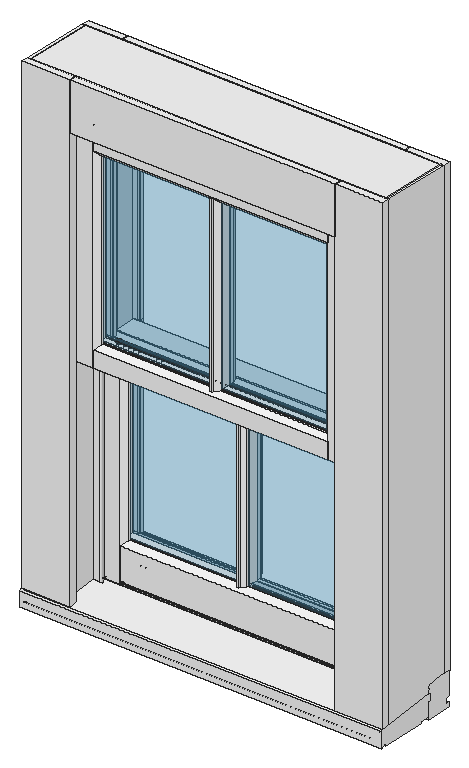
Revit family "B1-22V", category Generic Models, Revit 2012 (continued)
Forms (mm)
  Extrusion 85, solid, material "White" <- "Floor Material", detail levels fine
    sketch origin (-420.706, -53.846, -227.023) x (1, 0, 0) y (0, 1, 0)
      loop
        line (3.675, 109.096) -> (3.675, 111.096) -> (-1.325, 111.096) -> (-1.325, 109.096)
        arc (-1.325, 109.096) -> (-5.325, 105.779) -> (-6.825, 100.804) r 9
        line (-6.825, 100.804) -> (-6.825, 99.096) -> (-8.825, 99.096) -> (-8.825, 93.096)
      loop
        line (-8.825, 61.911) -> (-1.376, 53.757) -> (-1.376, 51.757) -> (3.624, 51.757) -> (3.624, 53.757) -> (11.175, 64.711) -> (-8.825, 64.711) -> (-8.825, 61.911)
    from 754.583 to 1118.062
  Extrusion 86, solid, material "White" <- "Floor Material"
    sketch origin (-21.437, 0, -227.023) x (1, 0, 0) y (0, 1, 0)
      loop
        line (-408.094, 34) -> (-408.094, 18) -> (-388.094, 18) -> (-388.094, 34) -> (-408.094, 34)
    from 754.583 to 1108
  Extrusion 87, solid, material "White" <- "Floor Material"
    sketch origin (-21.437, 71, -227.023) x (1, 0, 0) y (0, 1, 0)
      loop
        line (-408.094, 34) -> (-408.094, 18) -> (-388.094, 18) -> (-388.094, 34) -> (-408.094, 34)
    from 356.027 to 710.583
Dimensions and locks
  plane 4 to level = 1023.04 mm
  plane 8 to plane 5 = 131 mm  (x2)
  plane 9 to plane 7 = 174 mm
  locked: plane 10 to plane 11 at 44
  locked: plane 4 to plane 12 at 100
  locked: plane 13 to plane 12 at 14
  plane 14 to level = 33 mm
  locked: Extrusion 58 to Extrusion 58 at 6
  Extrusion 4 to Extrusion 4 = 4 mm
  locked: plane 4 to plane 15 at 82
  plane 16 to level = 68 mm
  plane 16 to plane 2 = 68 mm
  "Width": plane 17 to plane 5
  Extrusion 57 to Extrusion 24 = 1023.04 mm
  locked: Extrusion 80 to Extrusion 80 at 6
  Extrusion 84 sketch curve to Extrusion 84 sketch curve = 8 mm  (x2)
  Extrusion 84 sketch curve to Extrusion 84 sketch curve = 26 mm
  plane 24 to plane 17 = 82 mm
  aligned and locked: level to plane 2
  aligned and locked: Extrusion 5 to Extrusion 6
  aligned and locked: Extrusion 34 to Extrusion 33
  aligned and locked: plane 7 to Extrusion 23
  aligned and locked: Extrusion 16 to plane 8
  aligned and locked: Extrusion 14 to plane 8
  aligned and locked: Extrusion 21 to plane 8
  aligned and locked: Extrusion 18 to plane 8
  aligned and locked: Extrusion 20 to plane 8
  aligned and locked: Extrusion 17 to plane 8
  aligned and locked: Extrusion 19 to plane 8
  aligned and locked: Extrusion 22 to plane 8
  aligned and locked: Extrusion 8 to plane 8
  aligned and locked: Extrusion 10 to plane 8
  aligned and locked: Extrusion 3 to plane 8
  aligned and locked: Extrusion 9 to plane 8
  aligned and locked: Extrusion 5 to plane 8
  aligned and locked: Extrusion 7 to plane 8
  aligned and locked: Extrusion 2 to plane 8
  aligned and locked: Extrusion 6 to plane 8
  aligned and locked: Extrusion 9 to Extrusion 16
  aligned and locked: Extrusion 8 to Extrusion 16
  aligned and locked: Extrusion 29 to plane 8
  aligned and locked: Extrusion 27 to plane 8
  aligned and locked: Extrusion 31 to plane 8
  aligned and locked: Extrusion 34 to plane 8
  aligned and locked: Extrusion 33 to plane 8
  aligned and locked: Extrusion 35 to plane 8
  aligned and locked: Extrusion 36 to plane 8
  aligned and locked: Extrusion 32 to plane 8
  aligned and locked: Extrusion 28 to plane 8
  aligned and locked: Extrusion 4 to plane 8
  aligned and locked: plane 10 to Extrusion 2
  aligned and locked: plane 10 to Extrusion 40
  aligned and locked: plane 11 to Extrusion 1
  aligned and locked: Extrusion 44 to plane 11
  aligned and locked: Extrusion 43 to plane 11
  aligned and locked: plane 13 to Extrusion 43
  aligned and locked: plane 13 to Extrusion 44
  aligned and locked: plane 13 to Extrusion 54
  aligned and locked: plane 13 to Extrusion 53
  aligned and locked: plane 13 to Extrusion 52
  aligned and locked: plane 13 to Extrusion 46
  aligned and locked: Extrusion 15 to Extrusion 55
  aligned and locked: Extrusion 25 to plane 17
Automatic sketch dimensions
  plane 1 "Center (Front/Back)" to Extrusion 17 sketch curve = 3.465 mm
  Extrusion 17 sketch curve to Extrusion 17 sketch curve = 1.414 mm
  Extrusion 17 sketch curve to plane 15 = 1.206 mm
  Extrusion 17 sketch curve to plane 15 = 0.117 mm
  plane 15 to Extrusion 17 sketch curve = 2.992 mm
  Extrusion 17 sketch curve to Extrusion 17 sketch curve = 1.085 mm
  plane 15 to Extrusion 18 sketch curve = 2.687 mm
  plane 1 "Center (Front/Back)" to Extrusion 18 sketch curve = 8.25 mm
  plane 15 to Extrusion 18 sketch curve = 0.187 mm
  Extrusion 18 sketch curve to Extrusion 18 sketch curve = 4 mm
  Extrusion 18 sketch curve to Extrusion 18 sketch curve = 0 mm
  Extrusion 18 sketch curve to Extrusion 18 sketch curve = 0.786 mm
  Extrusion 18 sketch curve to Extrusion 18 sketch curve = 1.414 mm  (x2)
  Extrusion 18 sketch curve to Extrusion 18 sketch curve = 0.8 mm  (x2)
  Extrusion 18 sketch curve to plane 15 = 0.117 mm
  Extrusion 18 sketch curve to plane 15 = 1.206 mm
  Extrusion 18 sketch curve to Extrusion 18 sketch curve = 0.857 mm  (x2)
  plane 15 to Extrusion 18 sketch curve = 2.992 mm
  Extrusion 18 sketch curve to Extrusion 18 sketch curve = 1.089 mm
  plane 1 "Center (Front/Back)" to Extrusion 19 sketch curve = 2.05 mm
  Extrusion 19 sketch curve to plane 1 "Center (Front/Back)" = 2.612 mm
  Extrusion 19 sketch curve to plane 15 = 1.419 mm
  plane 15 to Extrusion 19 sketch curve = 0.664 mm
  Extrusion 19 sketch curve to Extrusion 19 sketch curve = 1.235 mm
  plane 15 to Extrusion 19 sketch curve = 4.262 mm
  plane 5 to Extrusion 38 sketch curve = 34.062 mm  (x2)
  Extrusion 38 sketch curve to Extrusion 38 sketch curve = 45 mm  (x2)
  Extrusion 38 sketch curve to Extrusion 38 sketch curve = 0 mm  (x2)
  Extrusion 38 sketch curve to Extrusion 38 sketch curve = 3 mm  (x2)
  Extrusion 38 sketch curve to plane 1 "Center (Front/Back)" = 14.937 mm
  Extrusion 38 sketch curve to plane 1 "Center (Front/Back)" = 21.437 mm
  Extrusion 38 sketch curve to Extrusion 38 sketch curve = 16 mm  (x2)
  Extrusion 38 sketch curve to Extrusion 38 sketch curve = 6.5 mm  (x3)
  Extrusion 38 sketch curve to Extrusion 38 sketch curve = 42 mm
  Extrusion 84 sketch curve to plane 21 = 2 mm
  plane 5 to Extrusion 84 sketch curve = 370.469 mm
  Extrusion 84 sketch curve to Extrusion 84 sketch curve = 0 mm  (x2)
  plane 21 to Extrusion 84 sketch curve = 8.5 mm
  Extrusion 84 sketch curve to Extrusion 84 sketch curve = 2 mm  (x4)
  Extrusion 84 sketch curve to Extrusion 84 sketch curve = 5.5 mm  (x2)
  Extrusion 84 sketch curve to plane 21 = 38.954 mm  (x2)
  Extrusion 84 sketch curve to Extrusion 84 sketch curve = 7.5 mm  (x2)
  Extrusion 84 sketch curve to Extrusion 84 sketch curve = 5 mm  (x2)
  plane 21 to Extrusion 84 sketch curve = 16 mm
  Extrusion 84 sketch curve to Extrusion 84 sketch curve = 2.8 mm  (x2)
  Extrusion 84 sketch curve to Extrusion 84 sketch curve = 2.5 mm  (x2)
  Extrusion 86 sketch curve to plane 1 "Center (Front/Back)" = 18 mm
  plane 5 to Extrusion 86 sketch curve = 370.469 mm
  Extrusion 86 sketch curve to Extrusion 86 sketch curve = 20 mm
  Extrusion 86 sketch curve to Extrusion 86 sketch curve = 16 mm
  plane 18 to Extrusion 85 sketch curve = 10.028 mm  (x2)
  Extrusion 85 sketch curve to Extrusion 85 sketch curve = 2 mm  (x4)
  plane 1 "Center (Front/Back)" to Extrusion 85 sketch curve = 0.089 mm  (x2)
  plane 18 to Extrusion 85 sketch curve = 2.578 mm
  plane 18 to Extrusion 85 sketch curve = 2.528 mm
  plane 18 to Extrusion 85 sketch curve = 1.028 mm
  Extrusion 85 sketch curve to plane 18 = 0.972 mm
  Extrusion 85 sketch curve to plane 18 = 2.422 mm
  Extrusion 85 sketch curve to plane 18 = 2.472 mm
  Extrusion 85 sketch curve to Extrusion 85 sketch curve = 7 mm
  Extrusion 85 sketch curve to plane 18 = 9.972 mm
  Extrusion 85 sketch curve to plane 1 "Center (Front/Back)" = 8.065 mm
  Extrusion 85 sketch curve to Extrusion 85 sketch curve = 2.8 mm
  Extrusion 85 sketch curve to Extrusion 85 sketch curve = 28.385 mm
  Extrusion 85 sketch curve to Extrusion 85 sketch curve = 6 mm  (x2)
  Extrusion 85 sketch curve to Extrusion 85 sketch curve = 1.708 mm
  Extrusion 85 sketch curve to Extrusion 85 sketch curve = 0 mm
  Extrusion 3 sketch curve to plane 10 = 0 mm  (x2)
  Extrusion 3 sketch curve to plane 11 = 0 mm  (x2)
  Extrusion 3 sketch curve to plane 1 "Center (Front/Back)" = 12 mm
  Extrusion 3 sketch curve to Extrusion 3 sketch curve = 2 mm  (x2)
  plane 10 to Extrusion 3 sketch curve = 0.491 mm
  Extrusion 3 sketch curve to Extrusion 3 sketch curve = 24 mm  (x2)
  Extrusion 3 sketch curve to Extrusion 3 sketch curve = 3 mm  (x3)
  Extrusion 3 sketch curve to Extrusion 3 sketch curve = 4 mm  (x2)
  plane 11 to Extrusion 3 sketch curve = 3 mm
  Extrusion 3 sketch curve to Extrusion 3 sketch curve = 42 mm
  Extrusion 3 sketch curve to plane 11 = 0.491 mm
  plane 11 to Extrusion 3 sketch curve = 4 mm
  Extrusion 3 sketch curve to plane 11 = 0.246 mm
  Extrusion 3 sketch curve to Extrusion 3 sketch curve = 0.246 mm  (x2)
  Extrusion 3 sketch curve to plane 10 = 4 mm
  plane 10 to Extrusion 3 sketch curve = 0.246 mm
  plane 7 to Extrusion 4 sketch curve = 67.764 mm
  Extrusion 4 sketch curve to Extrusion 4 sketch curve = 4 mm  (x2)
  Extrusion 4 sketch curve to Extrusion 4 sketch curve = 16 mm
  plane 16 to Extrusion 4 sketch curve = 49.004 mm
  Extrusion 4 sketch curve to Extrusion 4 sketch curve = 0 mm
  plane 11 to Extrusion 4 sketch curve = 16 mm  (x2)
  Extrusion 5 sketch curve to plane 10 = 16.1 mm
  Extrusion 5 sketch curve to plane 1 "Center (Front/Back)" = 61.71 mm
  Extrusion 5 sketch curve to Extrusion 5 sketch curve = 0.207 mm
  Extrusion 5 sketch curve to Extrusion 5 sketch curve = 0.208 mm
  Extrusion 5 sketch curve to Extrusion 5 sketch curve = 0.097 mm  (x2)
  Extrusion 5 sketch curve to Extrusion 5 sketch curve = 0.695 mm
  Extrusion 5 sketch curve to Extrusion 5 sketch curve = 0.01 mm
  Extrusion 5 sketch curve to Extrusion 5 sketch curve = 0.515 mm
  Extrusion 5 sketch curve to Extrusion 5 sketch curve = 0.807 mm
  Extrusion 5 sketch curve to Extrusion 5 sketch curve = 0.052 mm
  Extrusion 5 sketch curve to Extrusion 5 sketch curve = 0.494 mm
  Extrusion 5 sketch curve to Extrusion 5 sketch curve = 0.432 mm
  Extrusion 5 sketch curve to Extrusion 5 sketch curve = 0.799 mm
  Extrusion 5 sketch curve to Extrusion 5 sketch curve = 0.784 mm
  Extrusion 5 sketch curve to Extrusion 5 sketch curve = 0.893 mm  (x3)
  Extrusion 5 sketch curve to Extrusion 5 sketch curve = 3.071 mm
  Extrusion 5 sketch curve to Extrusion 5 sketch curve = 2.464 mm
  Extrusion 5 sketch curve to Extrusion 5 sketch curve = 0.602 mm  (x2)
  Extrusion 5 sketch curve to Extrusion 5 sketch curve = 2.962 mm
  Extrusion 5 sketch curve to Extrusion 5 sketch curve = 0.109 mm
  Extrusion 5 sketch curve to Extrusion 5 sketch curve = 0.606 mm
  Extrusion 5 sketch curve to Extrusion 5 sketch curve = 1.622 mm
  Extrusion 5 sketch curve to Extrusion 5 sketch curve = 0.373 mm
  Extrusion 5 sketch curve to Extrusion 5 sketch curve = 2.848 mm
  Extrusion 5 sketch curve to Extrusion 5 sketch curve = 0.798 mm
  Extrusion 5 sketch curve to Extrusion 5 sketch curve = 0.078 mm
  Extrusion 5 sketch curve to Extrusion 5 sketch curve = 0.64 mm
  Extrusion 5 sketch curve to Extrusion 5 sketch curve = 0.422 mm
  Extrusion 5 sketch curve to Extrusion 5 sketch curve = 1.377 mm
  Extrusion 5 sketch curve to Extrusion 5 sketch curve = 1.698 mm
  Extrusion 5 sketch curve to Extrusion 5 sketch curve = 0.083 mm
  Extrusion 5 sketch curve to Extrusion 5 sketch curve = 2.325 mm
  Extrusion 5 sketch curve to Extrusion 5 sketch curve = 2.362 mm
  Extrusion 5 sketch curve to Extrusion 5 sketch curve = 0.218 mm
  Extrusion 5 sketch curve to Extrusion 5 sketch curve = 0.794 mm  (x2)
  Extrusion 5 sketch curve to Extrusion 5 sketch curve = 0.584 mm
  Extrusion 5 sketch curve to Extrusion 5 sketch curve = 0.621 mm
  Extrusion 5 sketch curve to Extrusion 5 sketch curve = 0.663 mm
  Extrusion 5 sketch curve to Extrusion 5 sketch curve = 0.085 mm
  Extrusion 5 sketch curve to Extrusion 5 sketch curve = 0.645 mm
  Extrusion 5 sketch curve to Extrusion 5 sketch curve = 1.316 mm
  Extrusion 5 sketch curve to Extrusion 5 sketch curve = 0.482 mm
  Extrusion 5 sketch curve to Extrusion 5 sketch curve = 0.026 mm
  Extrusion 5 sketch curve to Extrusion 5 sketch curve = 2.763 mm
  Extrusion 5 sketch curve to Extrusion 5 sketch curve = 0.86 mm
  Extrusion 6 sketch curve to plane 10 = 16 mm
  Extrusion 6 sketch curve to plane 1 "Center (Front/Back)" = 61.71 mm
  Extrusion 6 sketch curve to Extrusion 6 sketch curve = 0.208 mm
  Extrusion 6 sketch curve to Extrusion 6 sketch curve = 0.098 mm
  Extrusion 6 sketch curve to Extrusion 6 sketch curve = 0.097 mm  (x5)
  Extrusion 6 sketch curve to Extrusion 6 sketch curve = 0.697 mm  (x2)
  Extrusion 6 sketch curve to Extrusion 6 sketch curve = 0.518 mm
  Extrusion 6 sketch curve to Extrusion 6 sketch curve = 0.694 mm
  Extrusion 6 sketch curve to Extrusion 6 sketch curve = 0.165 mm
  Extrusion 6 sketch curve to Extrusion 6 sketch curve = 0.689 mm
  Extrusion 6 sketch curve to Extrusion 6 sketch curve = 0.644 mm
  Extrusion 6 sketch curve to Extrusion 6 sketch curve = 0.799 mm
  Extrusion 6 sketch curve to Extrusion 6 sketch curve = 0.794 mm  (x4)
  Extrusion 6 sketch curve to Extrusion 6 sketch curve = 3.119 mm
  Extrusion 6 sketch curve to Extrusion 6 sketch curve = 2.365 mm
  Extrusion 6 sketch curve to Extrusion 6 sketch curve = 0.661 mm  (x2)
  Extrusion 6 sketch curve to Extrusion 6 sketch curve = 3.021 mm
  Extrusion 6 sketch curve to Extrusion 6 sketch curve = 0.541 mm
  Extrusion 6 sketch curve to Extrusion 6 sketch curve = 1.585 mm
  Extrusion 6 sketch curve to Extrusion 6 sketch curve = 0.629 mm
  Extrusion 6 sketch curve to Extrusion 6 sketch curve = 2.86 mm
  Extrusion 6 sketch curve to Extrusion 6 sketch curve = 0.091 mm
  Extrusion 6 sketch curve to Extrusion 6 sketch curve = 0.411 mm
  Extrusion 6 sketch curve to Extrusion 6 sketch curve = 0.739 mm
  Extrusion 6 sketch curve to Extrusion 6 sketch curve = 0.509 mm
  Extrusion 6 sketch curve to Extrusion 6 sketch curve = 1.464 mm
  Extrusion 6 sketch curve to Extrusion 6 sketch curve = 1.698 mm
  Extrusion 6 sketch curve to Extrusion 6 sketch curve = 0.134 mm
  Extrusion 6 sketch curve to Extrusion 6 sketch curve = 2.325 mm
  Extrusion 6 sketch curve to Extrusion 6 sketch curve = 2.323 mm
  Extrusion 6 sketch curve to Extrusion 6 sketch curve = 0.2 mm
  Extrusion 6 sketch curve to Extrusion 6 sketch curve = 0.501 mm
  Extrusion 6 sketch curve to Extrusion 6 sketch curve = 0.092 mm
  Extrusion 6 sketch curve to Extrusion 6 sketch curve = 0.722 mm
  Extrusion 6 sketch curve to Extrusion 6 sketch curve = 0.763 mm
  Extrusion 6 sketch curve to Extrusion 6 sketch curve = 0.744 mm
  Extrusion 6 sketch curve to Extrusion 6 sketch curve = 1.416 mm
  Extrusion 6 sketch curve to Extrusion 6 sketch curve = 0.365 mm
  Extrusion 6 sketch curve to Extrusion 6 sketch curve = 0.077 mm
  Extrusion 6 sketch curve to Extrusion 6 sketch curve = 2.759 mm
  Extrusion 6 sketch curve to Extrusion 6 sketch curve = 0.941 mm
  Extrusion 7 sketch curve to plane 10 = 15.718 mm
  Extrusion 7 sketch curve to plane 1 "Center (Front/Back)" = 56.897 mm
  Extrusion 7 sketch curve to Extrusion 7 sketch curve = 0.097 mm  (x2)
  Extrusion 7 sketch curve to Extrusion 7 sketch curve = 0.233 mm
  Extrusion 7 sketch curve to Extrusion 7 sketch curve = 0.437 mm
  Extrusion 7 sketch curve to Extrusion 7 sketch curve = 0.496 mm
  Extrusion 7 sketch curve to Extrusion 7 sketch curve = 0.065 mm
  Extrusion 7 sketch curve to Extrusion 7 sketch curve = 0.807 mm
  Extrusion 7 sketch curve to Extrusion 7 sketch curve = 0.052 mm
  Extrusion 7 sketch curve to Extrusion 7 sketch curve = 0.552 mm
  Extrusion 7 sketch curve to Extrusion 7 sketch curve = 0.432 mm
  Extrusion 7 sketch curve to Extrusion 7 sketch curve = 0.07 mm
  Extrusion 7 sketch curve to Extrusion 7 sketch curve = 0.799 mm
  Extrusion 7 sketch curve to Extrusion 7 sketch curve = 2.464 mm
  Extrusion 7 sketch curve to Extrusion 7 sketch curve = 5.127 mm
  Extrusion 7 sketch curve to Extrusion 7 sketch curve = 0.03 mm
  Extrusion 7 sketch curve to Extrusion 7 sketch curve = 0.032 mm
  Extrusion 7 sketch curve to Extrusion 7 sketch curve = 0.218 mm
  Extrusion 7 sketch curve to Extrusion 7 sketch curve = 0.346 mm
  Extrusion 7 sketch curve to Extrusion 7 sketch curve = 0.794 mm  (x2)
  Extrusion 7 sketch curve to Extrusion 7 sketch curve = 0.584 mm
  Extrusion 7 sketch curve to Extrusion 7 sketch curve = 0.621 mm
  Extrusion 7 sketch curve to Extrusion 7 sketch curve = 0.663 mm
  Extrusion 7 sketch curve to Extrusion 7 sketch curve = 4.187 mm
  Extrusion 7 sketch curve to Extrusion 7 sketch curve = 0.013 mm
  Extrusion 7 sketch curve to Extrusion 7 sketch curve = 0.465 mm
  Extrusion 7 sketch curve to Extrusion 7 sketch curve = 0.061 mm
  Extrusion 7 sketch curve to Extrusion 7 sketch curve = 0.661 mm
  Extrusion 7 sketch curve to Extrusion 7 sketch curve = 0.251 mm
  plane 11 to Extrusion 8 sketch curve = 16.382 mm
  Extrusion 8 sketch curve to plane 1 "Center (Front/Back)" = 69.29 mm
  Extrusion 8 sketch curve to Extrusion 8 sketch curve = 0.207 mm
  Extrusion 8 sketch curve to Extrusion 8 sketch curve = 0.208 mm
  Extrusion 8 sketch curve to Extrusion 8 sketch curve = 0.097 mm  (x2)
  Extrusion 8 sketch curve to Extrusion 8 sketch curve = 0.695 mm
  Extrusion 8 sketch curve to Extrusion 8 sketch curve = 0.01 mm
  Extrusion 8 sketch curve to Extrusion 8 sketch curve = 0.515 mm
  Extrusion 8 sketch curve to Extrusion 8 sketch curve = 0.807 mm
  Extrusion 8 sketch curve to Extrusion 8 sketch curve = 0.052 mm
  Extrusion 8 sketch curve to Extrusion 8 sketch curve = 0.494 mm
  Extrusion 8 sketch curve to Extrusion 8 sketch curve = 0.432 mm
  Extrusion 8 sketch curve to Extrusion 8 sketch curve = 0.799 mm
  Extrusion 8 sketch curve to Extrusion 8 sketch curve = 0.784 mm
  Extrusion 8 sketch curve to Extrusion 8 sketch curve = 0.893 mm  (x3)
  Extrusion 8 sketch curve to Extrusion 8 sketch curve = 3.071 mm
  Extrusion 8 sketch curve to Extrusion 8 sketch curve = 2.464 mm
  Extrusion 8 sketch curve to Extrusion 8 sketch curve = 0.602 mm  (x2)
  Extrusion 8 sketch curve to Extrusion 8 sketch curve = 2.962 mm
  Extrusion 8 sketch curve to Extrusion 8 sketch curve = 0.109 mm
  Extrusion 8 sketch curve to Extrusion 8 sketch curve = 0.606 mm
  Extrusion 8 sketch curve to Extrusion 8 sketch curve = 1.622 mm
  Extrusion 8 sketch curve to Extrusion 8 sketch curve = 0.373 mm
  Extrusion 8 sketch curve to Extrusion 8 sketch curve = 2.848 mm
  Extrusion 8 sketch curve to Extrusion 8 sketch curve = 0.798 mm
  Extrusion 8 sketch curve to Extrusion 8 sketch curve = 0.078 mm
  Extrusion 8 sketch curve to Extrusion 8 sketch curve = 0.64 mm
  Extrusion 8 sketch curve to Extrusion 8 sketch curve = 0.422 mm
  Extrusion 8 sketch curve to Extrusion 8 sketch curve = 1.377 mm
  Extrusion 8 sketch curve to Extrusion 8 sketch curve = 1.698 mm
  Extrusion 8 sketch curve to Extrusion 8 sketch curve = 0.083 mm
  Extrusion 8 sketch curve to Extrusion 8 sketch curve = 2.325 mm
  Extrusion 8 sketch curve to Extrusion 8 sketch curve = 2.362 mm
  Extrusion 8 sketch curve to Extrusion 8 sketch curve = 0.218 mm
  Extrusion 8 sketch curve to Extrusion 8 sketch curve = 0.794 mm  (x2)
  Extrusion 8 sketch curve to Extrusion 8 sketch curve = 0.584 mm
  Extrusion 8 sketch curve to Extrusion 8 sketch curve = 0.621 mm
  Extrusion 8 sketch curve to Extrusion 8 sketch curve = 0.663 mm
  Extrusion 8 sketch curve to Extrusion 8 sketch curve = 0.085 mm
  Extrusion 8 sketch curve to Extrusion 8 sketch curve = 0.645 mm
  Extrusion 8 sketch curve to Extrusion 8 sketch curve = 1.316 mm
  Extrusion 8 sketch curve to Extrusion 8 sketch curve = 0.482 mm
  Extrusion 8 sketch curve to Extrusion 8 sketch curve = 0.026 mm
  Extrusion 8 sketch curve to Extrusion 8 sketch curve = 2.763 mm
  Extrusion 8 sketch curve to Extrusion 8 sketch curve = 0.86 mm
  plane 11 to Extrusion 9 sketch curve = 16 mm
  Extrusion 9 sketch curve to plane 1 "Center (Front/Back)" = 74.103 mm
  Extrusion 9 sketch curve to Extrusion 9 sketch curve = 0.097 mm  (x2)
  Extrusion 9 sketch curve to Extrusion 9 sketch curve = 0.233 mm
  Extrusion 9 sketch curve to Extrusion 9 sketch curve = 0.437 mm
  Extrusion 9 sketch curve to Extrusion 9 sketch curve = 0.496 mm
  Extrusion 9 sketch curve to Extrusion 9 sketch curve = 0.065 mm
  Extrusion 9 sketch curve to Extrusion 9 sketch curve = 0.807 mm
  Extrusion 9 sketch curve to Extrusion 9 sketch curve = 0.052 mm
  Extrusion 9 sketch curve to Extrusion 9 sketch curve = 0.552 mm
  Extrusion 9 sketch curve to Extrusion 9 sketch curve = 0.432 mm
  Extrusion 9 sketch curve to Extrusion 9 sketch curve = 0.07 mm
  Extrusion 9 sketch curve to Extrusion 9 sketch curve = 0.799 mm
  Extrusion 9 sketch curve to Extrusion 9 sketch curve = 2.464 mm
  Extrusion 9 sketch curve to Extrusion 9 sketch curve = 5.127 mm
  Extrusion 9 sketch curve to Extrusion 9 sketch curve = 0.03 mm
  Extrusion 9 sketch curve to Extrusion 9 sketch curve = 0.032 mm
  Extrusion 9 sketch curve to Extrusion 9 sketch curve = 0.218 mm
  Extrusion 9 sketch curve to Extrusion 9 sketch curve = 0.346 mm
  Extrusion 9 sketch curve to Extrusion 9 sketch curve = 0.794 mm  (x2)
  Extrusion 9 sketch curve to Extrusion 9 sketch curve = 0.584 mm
  Extrusion 9 sketch curve to Extrusion 9 sketch curve = 0.621 mm
  Extrusion 9 sketch curve to Extrusion 9 sketch curve = 0.663 mm
  Extrusion 9 sketch curve to Extrusion 9 sketch curve = 4.187 mm
  Extrusion 9 sketch curve to Extrusion 9 sketch curve = 0.013 mm
  Extrusion 9 sketch curve to Extrusion 9 sketch curve = 0.465 mm
  Extrusion 9 sketch curve to Extrusion 9 sketch curve = 0.061 mm
  Extrusion 9 sketch curve to Extrusion 9 sketch curve = 0.661 mm
  Extrusion 9 sketch curve to Extrusion 9 sketch curve = 0.251 mm
  Extrusion 10 sketch curve to plane 1 "Center (Front/Back)" = 12 mm
  Extrusion 10 sketch curve to Extrusion 10 sketch curve = 26 mm  (x2)
  plane 11 to Extrusion 10 sketch curve = 12 mm
  Extrusion 10 sketch curve to Extrusion 10 sketch curve = 45 mm
  Extrusion 10 sketch curve to Extrusion 10 sketch curve = 4 mm  (x2)
  Extrusion 10 sketch curve to plane 10 = 16 mm
  Extrusion 13 sketch curve to plane 13 = 0 mm  (x2)
  Extrusion 13 sketch curve to plane 1 "Center (Front/Back)" = 0.25 mm
  Extrusion 13 sketch curve to plane 1 "Center (Front/Back)" = 3.25 mm
  Extrusion 13 sketch curve to plane 1 "Center (Front/Back)" = 10.25 mm
  Extrusion 13 sketch curve to Extrusion 13 sketch curve = 2 mm
  Extrusion 13 sketch curve to plane 13 = 6 mm
  Extrusion 13 sketch curve to Extrusion 13 sketch curve = 46 mm
  Extrusion 13 sketch curve to Extrusion 13 sketch curve = 3 mm
  Extrusion 13 sketch curve to plane 13 = 3 mm
  Extrusion 13 sketch curve to Extrusion 13 sketch curve = 5 mm
  Extrusion 13 sketch curve to plane 12 = 26 mm
  Extrusion 13 sketch curve to Extrusion 13 sketch curve = 6 mm
  Extrusion 13 sketch curve to Extrusion 13 sketch curve = 10 mm
  Extrusion 14 sketch curve to plane 1 "Center (Front/Back)" = 38.25 mm
  Extrusion 14 sketch curve to Extrusion 14 sketch curve = 3 mm  (x2)
  plane 15 to Extrusion 14 sketch curve = 7.62 mm
  Extrusion 14 sketch curve to Extrusion 14 sketch curve = 3.601 mm
  plane 15 to Extrusion 14 sketch curve = 11.305 mm
  Extrusion 14 sketch curve to Extrusion 14 sketch curve = 0.187 mm
  Extrusion 14 sketch curve to Extrusion 14 sketch curve = 1 mm  (x2)
  Extrusion 14 sketch curve to Extrusion 14 sketch curve = 0.649 mm
  plane 15 to Extrusion 14 sketch curve = 10.497 mm
  Extrusion 14 sketch curve to Extrusion 14 sketch curve = 2.265 mm
  Extrusion 14 sketch curve to Extrusion 14 sketch curve = 0.863 mm
  Extrusion 14 sketch curve to Extrusion 14 sketch curve = 0.001 mm
  Extrusion 14 sketch curve to Extrusion 14 sketch curve = 5 mm  (x2)
  plane 15 to Extrusion 14 sketch curve = 15.566 mm
  Extrusion 14 sketch curve to Extrusion 14 sketch curve = 1.118 mm
  Extrusion 14 sketch curve to Extrusion 14 sketch curve = 0.702 mm  (x2)
  plane 15 to Extrusion 14 sketch curve = 14.005 mm
  plane 15 to Extrusion 14 sketch curve = 2.625 mm
  Extrusion 14 sketch curve to Extrusion 14 sketch curve = 5.889 mm
  Extrusion 14 sketch curve to Extrusion 14 sketch curve = 0.861 mm
  Extrusion 14 sketch curve to Extrusion 14 sketch curve = 1.943 mm
  Extrusion 14 sketch curve to Extrusion 14 sketch curve = 1.982 mm
  plane 15 to Extrusion 14 sketch curve = 2.22 mm
  Extrusion 14 sketch curve to Extrusion 14 sketch curve = 0.1 mm
  Extrusion 14 sketch curve to Extrusion 14 sketch curve = 1.022 mm
  Extrusion 14 sketch curve to Extrusion 14 sketch curve = 0.095 mm
  Extrusion 14 sketch curve to Extrusion 14 sketch curve = 0.7 mm
  Extrusion 14 sketch curve to Extrusion 14 sketch curve = 1.018 mm
  Extrusion 14 sketch curve to Extrusion 14 sketch curve = 8 mm
  Extrusion 14 sketch curve to plane 12 = 15.063 mm
  Extrusion 14 sketch curve to Extrusion 14 sketch curve = 4 mm
  Extrusion 14 sketch curve to Extrusion 14 sketch curve = 0.405 mm
  Extrusion 14 sketch curve to Extrusion 14 sketch curve = 1.234 mm
  Extrusion 14 sketch curve to Extrusion 14 sketch curve = 2.583 mm
  Extrusion 14 sketch curve to Extrusion 14 sketch curve = 0.9 mm
  Extrusion 14 sketch curve to Extrusion 14 sketch curve = 1.71 mm
  plane 1 "Center (Front/Back)" to Extrusion 15 sketch curve = 1.25 mm
  Extrusion 15 sketch curve to plane 4 = 6 mm
  plane 7 to Extrusion 15 sketch curve = 20 mm
  plane 15 to Extrusion 15 sketch curve = 32 mm
  Extrusion 16 sketch curve to plane 10 = 0 mm  (x2)
  Extrusion 16 sketch curve to plane 1 "Center (Front/Back)" = 14 mm
  Extrusion 16 sketch curve to Extrusion 16 sketch curve = 4 mm  (x2)
  Extrusion 16 sketch curve to Extrusion 16 sketch curve = 16.25 mm
  Extrusion 16 sketch curve to plane 12 = 30 mm
  Extrusion 16 sketch curve to Extrusion 16 sketch curve = 0 mm
  plane 15 to Extrusion 20 sketch curve = 4.078 mm
  plane 7 to Extrusion 20 sketch curve = 17.786 mm
  Extrusion 20 sketch curve to Extrusion 20 sketch curve = 1.414 mm
  Extrusion 20 sketch curve to Extrusion 20 sketch curve = 1.085 mm
  Extrusion 20 sketch curve to plane 15 = 0.117 mm
  Extrusion 20 sketch curve to Extrusion 20 sketch curve = 1.089 mm
  Extrusion 21 sketch curve to plane 15 = 1.899 mm
  Extrusion 21 sketch curve to plane 7 = 19.2 mm
  plane 15 to Extrusion 21 sketch curve = 1.419 mm
  Extrusion 21 sketch curve to Extrusion 21 sketch curve = 4.662 mm
  Extrusion 21 sketch curve to plane 15 = 0.664 mm
  Extrusion 21 sketch curve to plane 15 = 4.262 mm
  Extrusion 22 sketch curve to plane 1 "Center (Front/Back)" = 12.25 mm
  Extrusion 22 sketch curve to Extrusion 22 sketch curve = 1.75 mm
  Extrusion 22 sketch curve to Extrusion 22 sketch curve = 24.25 mm
  Extrusion 22 sketch curve to Extrusion 22 sketch curve = 3 mm
  Extrusion 22 sketch curve to Extrusion 22 sketch curve = 4 mm  (x2)
  Extrusion 22 sketch curve to plane 12 = 31.063 mm
  Extrusion 22 sketch curve to Extrusion 22 sketch curve = 1 mm
  Extrusion 22 sketch curve to Extrusion 22 sketch curve = 0.215 mm
  Extrusion 22 sketch curve to Extrusion 22 sketch curve = 2.785 mm
  Extrusion 23 sketch curve to plane 15 = 0 mm  (x2)
  Extrusion 23 sketch curve to plane 7 = 0 mm
  plane 15 to Extrusion 23 sketch curve = 7 mm
  Extrusion 23 sketch curve to plane 1 "Center (Front/Back)" = 69.75 mm
  Extrusion 23 sketch curve to Extrusion 23 sketch curve = 8 mm  (x2)
  plane 1 "Center (Front/Back)" to Extrusion 23 sketch curve = 1.25 mm  (x2)
  Extrusion 23 sketch curve to Extrusion 23 sketch curve = 5 mm
  plane 15 to Extrusion 23 sketch curve = 9 mm
  Extrusion 23 sketch curve to plane 4 = 6 mm
  Extrusion 24 sketch curve to plane 14 = 0 mm
  Extrusion 24 sketch curve to level = 0 mm  (x2)
  plane 7 to Extrusion 24 sketch curve = 49.25 mm
  level to Extrusion 24 sketch curve = 5 mm
  Extrusion 24 sketch curve to Extrusion 24 sketch curve = 5 mm  (x2)
  Extrusion 24 sketch curve to Extrusion 24 sketch curve = 20 mm
  level to Extrusion 24 sketch curve = 2 mm
  Extrusion 24 sketch curve to plane 6 = 6.75 mm
  Extrusion 24 sketch curve to Extrusion 24 sketch curve = 3 mm
  plane 6 to Extrusion 24 sketch curve = 1.25 mm
  plane 14 to Extrusion 24 sketch curve = 0.098 mm
  plane 6 to Extrusion 24 sketch curve = 1.616 mm
  Extrusion 24 sketch curve to plane 14 = 2.879 mm
  plane 14 to Extrusion 24 sketch curve = 15 mm
  Extrusion 25 sketch curve to level = 0 mm
  Extrusion 25 sketch curve to plane 16 = 0 mm
  Extrusion 25 sketch curve to plane 14 = 0 mm
  plane 7 to Extrusion 25 sketch curve = 0.25 mm  (x2)
  Extrusion 25 sketch curve to Extrusion 25 sketch curve = 10 mm  (x2)
  Extrusion 25 sketch curve to Extrusion 25 sketch curve = 20 mm
  Extrusion 25 sketch curve to Extrusion 25 sketch curve = 39 mm
  Extrusion 25 sketch curve to Extrusion 25 sketch curve = 5 mm  (x2)
  Extrusion 25 sketch curve to plane 16 = 4.175 mm
  Extrusion 25 sketch curve to Extrusion 25 sketch curve = 4.913 mm  (x2)
  Extrusion 25 sketch curve to Extrusion 25 sketch curve = 3 mm
  Extrusion 25 sketch curve to plane 14 = 13 mm
  plane 7 to Extrusion 26 sketch curve = 21.75 mm
  Extrusion 26 sketch curve to Extrusion 26 sketch curve = 2.634 mm
  Extrusion 26 sketch curve to Extrusion 26 sketch curve = 3 mm  (x4)
  plane 16 to Extrusion 26 sketch curve = 2.389 mm
  Extrusion 26 sketch curve to Extrusion 26 sketch curve = 5.366 mm
  Extrusion 26 sketch curve to Extrusion 26 sketch curve = 11 mm  (x2)
  Extrusion 26 sketch curve to Extrusion 26 sketch curve = 26 mm
  Extrusion 26 sketch curve to Extrusion 26 sketch curve = 8 mm
  Extrusion 26 sketch curve to plane 16 = 16.295 mm
  Extrusion 26 sketch curve to Extrusion 26 sketch curve = 4 mm
  Extrusion 26 sketch curve to Extrusion 26 sketch curve = 14 mm
  Extrusion 26 sketch curve to Extrusion 26 sketch curve = 2 mm
  plane 14 to Extrusion 26 sketch curve = 15.571 mm
  Extrusion 26 sketch curve to Extrusion 26 sketch curve = 4.634 mm
  Extrusion 26 sketch curve to Extrusion 26 sketch curve = 0.366 mm
  plane 16 to Extrusion 26 sketch curve = 3.048 mm
  plane 16 to Extrusion 26 sketch curve = 5.67 mm  (x2)
  Extrusion 26 sketch curve to Extrusion 26 sketch curve = 5.632 mm
  Extrusion 26 sketch curve to Extrusion 26 sketch curve = 39.334 mm
  Extrusion 26 sketch curve to Extrusion 26 sketch curve = 0 mm
  Extrusion 26 sketch curve to Extrusion 26 sketch curve = 6 mm
  Extrusion 26 sketch curve to Extrusion 26 sketch curve = 10 mm
  plane 16 to Extrusion 26 sketch curve = 2.021 mm
  plane 16 to Extrusion 26 sketch curve = 0.67 mm
  Extrusion 26 sketch curve to Extrusion 26 sketch curve = 7.416 mm
  Extrusion 26 sketch curve to Extrusion 26 sketch curve = 2.409 mm
  Extrusion 26 sketch curve to Extrusion 26 sketch curve = 1.784 mm
  plane 7 to Extrusion 27 sketch curve = 17.224 mm
  Extrusion 27 sketch curve to Extrusion 27 sketch curve = 1.5 mm  (x2)
  Extrusion 27 sketch curve to Extrusion 27 sketch curve = 5.315 mm
  plane 16 to Extrusion 27 sketch curve = 11.278 mm
  Extrusion 27 sketch curve to Extrusion 27 sketch curve = 1.278 mm
  Extrusion 27 sketch curve to Extrusion 27 sketch curve = 1.655 mm  (x2)
  Extrusion 27 sketch curve to Extrusion 27 sketch curve = 1.69 mm
  plane 16 to Extrusion 27 sketch curve = 3.722 mm
  plane 7 to Extrusion 28 sketch curve = 24.75 mm
  Extrusion 28 sketch curve to Extrusion 28 sketch curve = 3 mm  (x3)
  Extrusion 28 sketch curve to Extrusion 28 sketch curve = 8 mm
  Extrusion 28 sketch curve to Extrusion 28 sketch curve = 4 mm  (x2)
  Extrusion 28 sketch curve to Extrusion 28 sketch curve = 1 mm
  plane 16 to Extrusion 28 sketch curve = 61.004 mm
  Extrusion 28 sketch curve to Extrusion 28 sketch curve = 5 mm
  plane 7 to Extrusion 29 sketch curve = 43.75 mm
  Extrusion 29 sketch curve to Extrusion 29 sketch curve = 24 mm
  Extrusion 29 sketch curve to Extrusion 29 sketch curve = 2 mm
  plane 16 to Extrusion 29 sketch curve = 58.25 mm
  Extrusion 29 sketch curve to Extrusion 29 sketch curve = 0.246 mm
  Extrusion 29 sketch curve to Extrusion 29 sketch curve = 9.246 mm
  Extrusion 29 sketch curve to Extrusion 29 sketch curve = 4 mm
  plane 14 to Extrusion 30 sketch curve = 15.645 mm
  plane 7 to Extrusion 30 sketch curve = 70.641 mm
  Extrusion 30 sketch curve to plane 16 = 14.53 mm
  Extrusion 30 sketch curve to Extrusion 30 sketch curve = 0.207 mm
  plane 14 to Extrusion 30 sketch curve = 17.343 mm
  Extrusion 30 sketch curve to Extrusion 30 sketch curve = 0.208 mm
  Extrusion 30 sketch curve to plane 16 = 13.736 mm
  Extrusion 30 sketch curve to Extrusion 30 sketch curve = 0.097 mm  (x2)
  Extrusion 30 sketch curve to Extrusion 30 sketch curve = 0.695 mm
  plane 14 to Extrusion 30 sketch curve = 14.86 mm
  Extrusion 30 sketch curve to Extrusion 30 sketch curve = 0.01 mm
  Extrusion 30 sketch curve to plane 16 = 16.892 mm
  Extrusion 30 sketch curve to Extrusion 30 sketch curve = 0.515 mm
  Extrusion 30 sketch curve to plane 16 = 13.729 mm
  Extrusion 30 sketch curve to Extrusion 30 sketch curve = 0.807 mm
  Extrusion 30 sketch curve to plane 16 = 13.065 mm
  Extrusion 30 sketch curve to Extrusion 30 sketch curve = 0.052 mm
  Extrusion 30 sketch curve to plane 16 = 16.975 mm
  Extrusion 30 sketch curve to Extrusion 30 sketch curve = 0.494 mm
  Extrusion 30 sketch curve to plane 16 = 14.312 mm
  Extrusion 30 sketch curve to Extrusion 30 sketch curve = 0.432 mm
  Extrusion 30 sketch curve to plane 16 = 13.107 mm
  Extrusion 30 sketch curve to Extrusion 30 sketch curve = 0.799 mm
  plane 14 to Extrusion 30 sketch curve = 17.022 mm
  Extrusion 30 sketch curve to Extrusion 30 sketch curve = 0.784 mm
  Extrusion 30 sketch curve to Extrusion 30 sketch curve = 0.893 mm
  plane 14 to Extrusion 30 sketch curve = 9.784 mm
  Extrusion 30 sketch curve to Extrusion 30 sketch curve = 3.071 mm
  Extrusion 30 sketch curve to plane 16 = 14.76 mm
  Extrusion 30 sketch curve to Extrusion 30 sketch curve = 2.464 mm
  Extrusion 30 sketch curve to plane 16 = 13.966 mm
  Extrusion 30 sketch curve to Extrusion 30 sketch curve = 0.602 mm  (x2)
  Extrusion 30 sketch curve to Extrusion 30 sketch curve = 2.962 mm
  plane 14 to Extrusion 30 sketch curve = 14.106 mm
  Extrusion 30 sketch curve to Extrusion 30 sketch curve = 0.109 mm
  plane 14 to Extrusion 30 sketch curve = 12.547 mm
  Extrusion 30 sketch curve to Extrusion 30 sketch curve = 0.606 mm
  Extrusion 30 sketch curve to Extrusion 30 sketch curve = 1.622 mm
  Extrusion 30 sketch curve to Extrusion 30 sketch curve = 0.373 mm
  Extrusion 30 sketch curve to Extrusion 30 sketch curve = 2.848 mm
  plane 14 to Extrusion 30 sketch curve = 12.039 mm
  Extrusion 30 sketch curve to Extrusion 30 sketch curve = 0.798 mm
  plane 14 to Extrusion 30 sketch curve = 16.068 mm
  Extrusion 30 sketch curve to Extrusion 30 sketch curve = 0.078 mm
  Extrusion 30 sketch curve to Extrusion 30 sketch curve = 0.64 mm
  Extrusion 30 sketch curve to Extrusion 30 sketch curve = 0.645 mm
  Extrusion 30 sketch curve to Extrusion 30 sketch curve = 0.026 mm
  Extrusion 30 sketch curve to Extrusion 30 sketch curve = 0.86 mm
  Extrusion 31 sketch curve to plane 16 = 14.53 mm
  plane 7 to Extrusion 31 sketch curve = 70.848 mm
  Extrusion 31 sketch curve to plane 16 = 13.736 mm
  Extrusion 31 sketch curve to Extrusion 31 sketch curve = 0.097 mm  (x2)
  plane 14 to Extrusion 31 sketch curve = 15.804 mm
  Extrusion 31 sketch curve to Extrusion 31 sketch curve = 0.233 mm
  Extrusion 31 sketch curve to Extrusion 31 sketch curve = 0.437 mm
  Extrusion 31 sketch curve to Extrusion 31 sketch curve = 0.059 mm
  Extrusion 31 sketch curve to Extrusion 31 sketch curve = 0.065 mm
  Extrusion 31 sketch curve to plane 16 = 13.729 mm
  Extrusion 31 sketch curve to Extrusion 31 sketch curve = 0.807 mm
  Extrusion 31 sketch curve to plane 16 = 13.065 mm
  Extrusion 31 sketch curve to Extrusion 31 sketch curve = 0.052 mm
  Extrusion 31 sketch curve to Extrusion 31 sketch curve = 0.552 mm
  Extrusion 31 sketch curve to plane 16 = 14.312 mm
  Extrusion 31 sketch curve to Extrusion 31 sketch curve = 0.432 mm
  Extrusion 31 sketch curve to Extrusion 31 sketch curve = 0.07 mm
  Extrusion 31 sketch curve to plane 16 = 13.107 mm
  Extrusion 31 sketch curve to Extrusion 31 sketch curve = 0.799 mm
  Extrusion 31 sketch curve to plane 16 = 14.76 mm
  Extrusion 31 sketch curve to Extrusion 31 sketch curve = 2.464 mm
  Extrusion 31 sketch curve to plane 16 = 13.966 mm
  plane 14 to Extrusion 31 sketch curve = 14.567 mm
  Extrusion 31 sketch curve to Extrusion 31 sketch curve = 5.127 mm
  Extrusion 31 sketch curve to Extrusion 31 sketch curve = 0.03 mm
  Extrusion 31 sketch curve to Extrusion 31 sketch curve = 0.032 mm
  Extrusion 31 sketch curve to Extrusion 31 sketch curve = 0.478 mm
  Extrusion 31 sketch curve to Extrusion 31 sketch curve = 0.013 mm
  Extrusion 31 sketch curve to Extrusion 31 sketch curve = 0.061 mm
  Extrusion 31 sketch curve to Extrusion 31 sketch curve = 0.502 mm
  plane 7 to Extrusion 32 sketch curve = 47.75 mm
  Extrusion 32 sketch curve to Extrusion 32 sketch curve = 16 mm
  plane 16 to Extrusion 32 sketch curve = 59.004 mm
  Extrusion 32 sketch curve to Extrusion 32 sketch curve = 10 mm
  plane 16 to Extrusion 33 sketch curve = 0.679 mm
  plane 7 to Extrusion 33 sketch curve = 29.641 mm
  plane 16 to Extrusion 33 sketch curve = 5.504 mm
  Extrusion 33 sketch curve to Extrusion 33 sketch curve = 0.207 mm
  plane 16 to Extrusion 33 sketch curve = 2.377 mm
  Extrusion 33 sketch curve to Extrusion 33 sketch curve = 0.208 mm
  plane 16 to Extrusion 33 sketch curve = 6.298 mm
  Extrusion 33 sketch curve to Extrusion 33 sketch curve = 0.097 mm  (x2)
  Extrusion 33 sketch curve to Extrusion 33 sketch curve = 0.695 mm
  Extrusion 33 sketch curve to plane 16 = 0.106 mm
  Extrusion 33 sketch curve to Extrusion 33 sketch curve = 0.01 mm
  plane 16 to Extrusion 33 sketch curve = 3.142 mm
  Extrusion 33 sketch curve to Extrusion 33 sketch curve = 0.515 mm
  plane 16 to Extrusion 33 sketch curve = 6.306 mm
  Extrusion 33 sketch curve to Extrusion 33 sketch curve = 0.807 mm
  plane 16 to Extrusion 33 sketch curve = 6.969 mm
  Extrusion 33 sketch curve to Extrusion 33 sketch curve = 0.052 mm
  plane 16 to Extrusion 33 sketch curve = 3.059 mm
  Extrusion 33 sketch curve to Extrusion 33 sketch curve = 0.494 mm
  plane 16 to Extrusion 33 sketch curve = 5.722 mm
  Extrusion 33 sketch curve to Extrusion 33 sketch curve = 0.432 mm
  plane 16 to Extrusion 33 sketch curve = 6.927 mm
  Extrusion 33 sketch curve to Extrusion 33 sketch curve = 0.799 mm
  plane 16 to Extrusion 33 sketch curve = 2.056 mm
  Extrusion 33 sketch curve to Extrusion 33 sketch curve = 0.784 mm
  Extrusion 33 sketch curve to Extrusion 33 sketch curve = 0.893 mm
  Extrusion 33 sketch curve to plane 16 = 5.182 mm
  Extrusion 33 sketch curve to Extrusion 33 sketch curve = 3.071 mm
  plane 16 to Extrusion 33 sketch curve = 5.274 mm
  Extrusion 33 sketch curve to Extrusion 33 sketch curve = 2.464 mm
  plane 16 to Extrusion 33 sketch curve = 6.068 mm
  Extrusion 33 sketch curve to Extrusion 33 sketch curve = 0.602 mm  (x2)
  Extrusion 33 sketch curve to plane 16 = 1.754 mm
  Extrusion 33 sketch curve to Extrusion 33 sketch curve = 2.962 mm
  Extrusion 33 sketch curve to plane 16 = 0.86 mm
  Extrusion 33 sketch curve to Extrusion 33 sketch curve = 0.109 mm
  Extrusion 33 sketch curve to plane 16 = 2.419 mm
  Extrusion 33 sketch curve to Extrusion 33 sketch curve = 1.622 mm
  Extrusion 33 sketch curve to Extrusion 33 sketch curve = 0.373 mm
  plane 16 to Extrusion 33 sketch curve = 0.456 mm
  Extrusion 33 sketch curve to Extrusion 33 sketch curve = 2.848 mm
  Extrusion 33 sketch curve to plane 16 = 2.927 mm
  Extrusion 33 sketch curve to Extrusion 33 sketch curve = 0.798 mm
  plane 16 to Extrusion 33 sketch curve = 1.102 mm
  Extrusion 33 sketch curve to Extrusion 33 sketch curve = 0.078 mm
  plane 16 to Extrusion 33 sketch curve = 0.345 mm
  Extrusion 33 sketch curve to Extrusion 33 sketch curve = 0.026 mm
  Extrusion 33 sketch curve to Extrusion 33 sketch curve = 0.86 mm
  plane 16 to Extrusion 34 sketch curve = 0.691 mm
  plane 7 to Extrusion 34 sketch curve = 29.542 mm
  plane 16 to Extrusion 34 sketch curve = 2.389 mm
  Extrusion 34 sketch curve to Extrusion 34 sketch curve = 0.208 mm
  plane 16 to Extrusion 34 sketch curve = 5.504 mm
  Extrusion 34 sketch curve to Extrusion 34 sketch curve = 0.098 mm
  plane 16 to Extrusion 34 sketch curve = 6.298 mm
  Extrusion 34 sketch curve to Extrusion 34 sketch curve = 0.097 mm  (x4)
  Extrusion 34 sketch curve to plane 16 = 0.2 mm
  Extrusion 34 sketch curve to Extrusion 34 sketch curve = 0.697 mm  (x2)
  plane 16 to Extrusion 34 sketch curve = 3.181 mm
  Extrusion 34 sketch curve to Extrusion 34 sketch curve = 0.518 mm
  plane 16 to Extrusion 34 sketch curve = 0.594 mm
  plane 16 to Extrusion 34 sketch curve = 6.205 mm
  Extrusion 34 sketch curve to Extrusion 34 sketch curve = 0.694 mm
  plane 16 to Extrusion 34 sketch curve = 6.969 mm
  Extrusion 34 sketch curve to Extrusion 34 sketch curve = 0.165 mm
  plane 16 to Extrusion 34 sketch curve = 3.047 mm
  Extrusion 34 sketch curve to Extrusion 34 sketch curve = 0.689 mm
  plane 16 to Extrusion 34 sketch curve = 5.704 mm
  Extrusion 34 sketch curve to Extrusion 34 sketch curve = 0.644 mm
  plane 16 to Extrusion 34 sketch curve = 6.927 mm
  Extrusion 34 sketch curve to Extrusion 34 sketch curve = 0.799 mm
  Extrusion 34 sketch curve to Extrusion 34 sketch curve = 0.794 mm
  Extrusion 34 sketch curve to plane 16 = 5.101 mm
  Extrusion 34 sketch curve to Extrusion 34 sketch curve = 3.119 mm
  plane 16 to Extrusion 34 sketch curve = 5.274 mm
  Extrusion 34 sketch curve to Extrusion 34 sketch curve = 2.365 mm
  plane 16 to Extrusion 34 sketch curve = 6.068 mm
  Extrusion 34 sketch curve to Extrusion 34 sketch curve = 0.661 mm  (x2)
  Extrusion 34 sketch curve to plane 16 = 1.754 mm
  Extrusion 34 sketch curve to Extrusion 34 sketch curve = 3.021 mm
  Extrusion 34 sketch curve to plane 16 = 0.959 mm
  Extrusion 34 sketch curve to Extrusion 34 sketch curve = 0.541 mm
  Extrusion 34 sketch curve to Extrusion 34 sketch curve = 1.585 mm
  Extrusion 34 sketch curve to plane 16 = 3.616 mm
  Extrusion 34 sketch curve to Extrusion 34 sketch curve = 0.629 mm
  plane 16 to Extrusion 34 sketch curve = 0.456 mm
  Extrusion 34 sketch curve to Extrusion 34 sketch curve = 2.86 mm
  Extrusion 34 sketch curve to Extrusion 34 sketch curve = 0.091 mm
  Extrusion 34 sketch curve to Extrusion 34 sketch curve = 0.411 mm
  plane 16 to Extrusion 34 sketch curve = 0.327 mm
  Extrusion 34 sketch curve to Extrusion 34 sketch curve = 0.739 mm
  Extrusion 34 sketch curve to Extrusion 34 sketch curve = 0.909 mm
  Extrusion 34 sketch curve to Extrusion 34 sketch curve = 0.941 mm
  plane 16 to Extrusion 35 sketch curve = 5.504 mm
  plane 7 to Extrusion 35 sketch curve = 29.848 mm
  plane 16 to Extrusion 35 sketch curve = 6.298 mm
  Extrusion 35 sketch curve to Extrusion 35 sketch curve = 0.097 mm  (x2)
  plane 16 to Extrusion 35 sketch curve = 0.839 mm
  Extrusion 35 sketch curve to Extrusion 35 sketch curve = 0.233 mm
  plane 16 to Extrusion 35 sketch curve = 0.281 mm
  Extrusion 35 sketch curve to Extrusion 35 sketch curve = 0.437 mm
  Extrusion 35 sketch curve to Extrusion 35 sketch curve = 0.059 mm
  Extrusion 35 sketch curve to Extrusion 35 sketch curve = 0.065 mm
  plane 16 to Extrusion 35 sketch curve = 6.306 mm
  Extrusion 35 sketch curve to Extrusion 35 sketch curve = 0.807 mm
  plane 16 to Extrusion 35 sketch curve = 6.969 mm
  Extrusion 35 sketch curve to Extrusion 35 sketch curve = 0.052 mm
  Extrusion 35 sketch curve to Extrusion 35 sketch curve = 0.552 mm
  plane 16 to Extrusion 35 sketch curve = 5.722 mm
  Extrusion 35 sketch curve to Extrusion 35 sketch curve = 0.432 mm
  Extrusion 35 sketch curve to Extrusion 35 sketch curve = 0.07 mm
  plane 16 to Extrusion 35 sketch curve = 6.927 mm
  Extrusion 35 sketch curve to Extrusion 35 sketch curve = 0.799 mm
  plane 16 to Extrusion 35 sketch curve = 5.274 mm
  Extrusion 35 sketch curve to Extrusion 35 sketch curve = 2.464 mm
  plane 16 to Extrusion 35 sketch curve = 6.068 mm
  Extrusion 35 sketch curve to plane 16 = 0.399 mm
  Extrusion 35 sketch curve to Extrusion 35 sketch curve = 5.127 mm
  Extrusion 35 sketch curve to Extrusion 35 sketch curve = 0.03 mm
  plane 16 to Extrusion 35 sketch curve = 0.103 mm
  Extrusion 35 sketch curve to Extrusion 35 sketch curve = 0.032 mm
  Extrusion 35 sketch curve to Extrusion 35 sketch curve = 0.539 mm
  Extrusion 35 sketch curve to Extrusion 35 sketch curve = 0.526 mm
  plane 7 to Extrusion 36 sketch curve = 39.75 mm
  Extrusion 36 sketch curve to Extrusion 36 sketch curve = 1 mm
  Extrusion 36 sketch curve to Extrusion 36 sketch curve = 3 mm  (x2)
  Extrusion 36 sketch curve to Extrusion 36 sketch curve = 24 mm
  Extrusion 36 sketch curve to Extrusion 36 sketch curve = 2 mm
  plane 16 to Extrusion 36 sketch curve = 61.495 mm
  Extrusion 36 sketch curve to Extrusion 36 sketch curve = 0.246 mm  (x3)
  Extrusion 36 sketch curve to Extrusion 36 sketch curve = 0.491 mm
  Extrusion 36 sketch curve to Extrusion 36 sketch curve = 4 mm
  plane 5 to Extrusion 37 sketch curve = 7.079 mm
  plane 5 to Extrusion 37 sketch curve = 8.579 mm  (x2)
  plane 5 to Extrusion 37 sketch curve = 31.079 mm  (x2)
  Extrusion 37 sketch curve to Extrusion 37 sketch curve = 22.5 mm  (x4)
  Extrusion 37 sketch curve to plane 1 "Center (Front/Back)" = 7.75 mm
  Extrusion 37 sketch curve to Extrusion 37 sketch curve = 1.5 mm
  Extrusion 37 sketch curve to Extrusion 37 sketch curve = 20 mm
  Extrusion 37 sketch curve to Extrusion 37 sketch curve = 7 mm
  Extrusion 37 sketch curve to Extrusion 37 sketch curve = 14 mm
  Extrusion 37 sketch curve to plane 1 "Center (Front/Back)" = 30.25 mm
  Extrusion 37 sketch curve to Extrusion 37 sketch curve = 9 mm
  Extrusion 37 sketch curve to Extrusion 37 sketch curve = 11.5 mm  (x2)
  Extrusion 37 sketch curve to Extrusion 37 sketch curve = 4 mm
  Extrusion 37 sketch curve to Extrusion 37 sketch curve = 3 mm
  plane 7 to Extrusion 37 sketch curve = 29 mm
  Extrusion 39 sketch curve to plane 8 = 44.922 mm
  Extrusion 39 sketch curve to Extrusion 39 sketch curve = 0 mm  (x2)
  Extrusion 39 sketch curve to Extrusion 39 sketch curve = 3 mm  (x3)
  Extrusion 39 sketch curve to Extrusion 39 sketch curve = 6 mm  (x2)
  Extrusion 39 sketch curve to plane 8 = 4.922 mm
  plane 8 to Extrusion 39 sketch curve = 1.078 mm
  plane 8 to Extrusion 39 sketch curve = 11.078 mm
  Extrusion 39 sketch curve to plane 1 "Center (Front/Back)" = 71.5 mm
  Extrusion 39 sketch curve to Extrusion 39 sketch curve = 5 mm
  Extrusion 39 sketch curve to Extrusion 39 sketch curve = 10 mm
  Extrusion 39 sketch curve to Extrusion 39 sketch curve = 12 mm  (x2)
  Extrusion 39 sketch curve to Extrusion 39 sketch curve = 13 mm
  Extrusion 39 sketch curve to Extrusion 39 sketch curve = 21 mm
  Extrusion 40 sketch curve to plane 8 = 4.922 mm
  plane 8 to Extrusion 40 sketch curve = 0.078 mm
  plane 8 to Extrusion 40 sketch curve = 7.078 mm
  Extrusion 40 sketch curve to Extrusion 40 sketch curve = 1 mm  (x2)
  Extrusion 40 sketch curve to Extrusion 40 sketch curve = 3 mm  (x3)
  plane 7 to Extrusion 40 sketch curve = 43.25 mm
  Extrusion 40 sketch curve to Extrusion 40 sketch curve = 4 mm
  Extrusion 43 sketch curve to plane 8 = 44.921 mm
  Extrusion 43 sketch curve to Extrusion 43 sketch curve = 0 mm  (x2)
  plane 1 "Center (Front/Back)" to Extrusion 43 sketch curve = 0 mm
  Extrusion 43 sketch curve to Extrusion 43 sketch curve = 3 mm  (x4)
  Extrusion 43 sketch curve to Extrusion 43 sketch curve = 6 mm
  Extrusion 43 sketch curve to plane 8 = 4.921 mm
  plane 8 to Extrusion 43 sketch curve = 1.079 mm
  plane 8 to Extrusion 43 sketch curve = 11.079 mm
  Extrusion 43 sketch curve to plane 1 "Center (Front/Back)" = 10 mm
  Extrusion 43 sketch curve to Extrusion 43 sketch curve = 2 mm
  Extrusion 43 sketch curve to Extrusion 43 sketch curve = 21 mm
  Extrusion 43 sketch curve to Extrusion 43 sketch curve = 12 mm
  Extrusion 43 sketch curve to Extrusion 43 sketch curve = 13 mm
  Extrusion 43 sketch curve to Extrusion 43 sketch curve = 5 mm
  Extrusion 44 sketch curve to plane 8 = 4.921 mm
  plane 8 to Extrusion 44 sketch curve = 0.079 mm
  plane 8 to Extrusion 44 sketch curve = 7.079 mm
  Extrusion 44 sketch curve to Extrusion 44 sketch curve = 1 mm  (x2)
  Extrusion 44 sketch curve to Extrusion 44 sketch curve = 3 mm  (x3)
  Extrusion 44 sketch curve to plane 1 "Center (Front/Back)" = 38 mm
  Extrusion 44 sketch curve to Extrusion 44 sketch curve = 4 mm
  Extrusion 45 sketch curve to plane 8 = 51.01 mm
  Extrusion 45 sketch curve to Extrusion 45 sketch curve = 0.361 mm  (x2)
  Extrusion 45 sketch curve to Extrusion 45 sketch curve = 0.331 mm  (x2)
  Extrusion 45 sketch curve to Extrusion 45 sketch curve = 0.529 mm
  Extrusion 45 sketch curve to Extrusion 45 sketch curve = 3.012 mm
  Extrusion 45 sketch curve to Extrusion 45 sketch curve = 0.359 mm
  Extrusion 45 sketch curve to Extrusion 45 sketch curve = 0.129 mm  (x2)
  Extrusion 45 sketch curve to Extrusion 45 sketch curve = 0.752 mm
  Extrusion 45 sketch curve to Extrusion 45 sketch curve = 0.163 mm
  Extrusion 45 sketch curve to Extrusion 45 sketch curve = 0.848 mm
  Extrusion 45 sketch curve to Extrusion 45 sketch curve = 0.097 mm
  Extrusion 45 sketch curve to Extrusion 45 sketch curve = 0.227 mm
  Extrusion 45 sketch curve to Extrusion 45 sketch curve = 0.367 mm
  Extrusion 45 sketch curve to Extrusion 45 sketch curve = 0.604 mm
  Extrusion 45 sketch curve to Extrusion 45 sketch curve = 0.911 mm
  Extrusion 45 sketch curve to Extrusion 45 sketch curve = 0.79 mm  (x2)
  Extrusion 45 sketch curve to Extrusion 45 sketch curve = 1.387 mm
  Extrusion 45 sketch curve to Extrusion 45 sketch curve = 0.62 mm
  Extrusion 45 sketch curve to Extrusion 45 sketch curve = 0.185 mm
  Extrusion 45 sketch curve to Extrusion 45 sketch curve = 0.733 mm
  plane 7 to Extrusion 45 sketch curve = 73.654 mm
  Extrusion 45 sketch curve to Extrusion 45 sketch curve = 0.066 mm
  Extrusion 45 sketch curve to Extrusion 45 sketch curve = 1.649 mm
  Extrusion 45 sketch curve to Extrusion 45 sketch curve = 0.306 mm
  Extrusion 45 sketch curve to Extrusion 45 sketch curve = 2.482 mm
  Extrusion 45 sketch curve to Extrusion 45 sketch curve = 0.865 mm
  Extrusion 45 sketch curve to Extrusion 45 sketch curve = 0.036 mm
  Extrusion 45 sketch curve to Extrusion 45 sketch curve = 0.077 mm
  Extrusion 45 sketch curve to Extrusion 45 sketch curve = 1.035 mm
  Extrusion 45 sketch curve to Extrusion 45 sketch curve = 0.774 mm
  Extrusion 45 sketch curve to Extrusion 45 sketch curve = 0.368 mm
  Extrusion 45 sketch curve to Extrusion 45 sketch curve = 0.557 mm
  Extrusion 45 sketch curve to Extrusion 45 sketch curve = 0.18 mm
  Extrusion 45 sketch curve to Extrusion 45 sketch curve = 0.155 mm
  Extrusion 45 sketch curve to Extrusion 45 sketch curve = 0.228 mm
  Extrusion 46 sketch curve to plane 8 = 51.01 mm
  Extrusion 46 sketch curve to Extrusion 46 sketch curve = 0.402 mm
  Extrusion 46 sketch curve to Extrusion 46 sketch curve = 0.389 mm
  Extrusion 46 sketch curve to Extrusion 46 sketch curve = 3.47 mm
  Extrusion 46 sketch curve to Extrusion 46 sketch curve = 0.129 mm  (x2)
  Extrusion 46 sketch curve to Extrusion 46 sketch curve = 0.752 mm
  Extrusion 46 sketch curve to Extrusion 46 sketch curve = 0.163 mm
  Extrusion 46 sketch curve to Extrusion 46 sketch curve = 0.848 mm
  Extrusion 46 sketch curve to Extrusion 46 sketch curve = 0.092 mm
  Extrusion 46 sketch curve to Extrusion 46 sketch curve = 0.227 mm
  Extrusion 46 sketch curve to Extrusion 46 sketch curve = 0.4 mm
  Extrusion 46 sketch curve to Extrusion 46 sketch curve = 0.019 mm
  Extrusion 46 sketch curve to Extrusion 46 sketch curve = 0.794 mm
  Extrusion 46 sketch curve to Extrusion 46 sketch curve = 0.616 mm
  Extrusion 46 sketch curve to Extrusion 46 sketch curve = 0.767 mm
  Extrusion 46 sketch curve to Extrusion 46 sketch curve = 0.79 mm
  Extrusion 46 sketch curve to Extrusion 46 sketch curve = 0.784 mm
  Extrusion 46 sketch curve to Extrusion 46 sketch curve = 0.331 mm  (x2)
  Extrusion 46 sketch curve to plane 1 "Center (Front/Back)" = 42.945 mm
  Extrusion 46 sketch curve to Extrusion 46 sketch curve = 0.032 mm
  Extrusion 46 sketch curve to Extrusion 46 sketch curve = 0.011 mm
  Extrusion 46 sketch curve to Extrusion 46 sketch curve = 0.735 mm
  Extrusion 46 sketch curve to Extrusion 46 sketch curve = 0.552 mm
  Extrusion 46 sketch curve to Extrusion 46 sketch curve = 0.545 mm
  Extrusion 46 sketch curve to Extrusion 46 sketch curve = 0.126 mm
  Extrusion 46 sketch curve to Extrusion 46 sketch curve = 3.982 mm
  Extrusion 46 sketch curve to Extrusion 46 sketch curve = 3.772 mm
  Extrusion 46 sketch curve to Extrusion 46 sketch curve = 0.731 mm
  Extrusion 46 sketch curve to Extrusion 46 sketch curve = 0.088 mm
  Extrusion 46 sketch curve to Extrusion 46 sketch curve = 0.31 mm
  Extrusion 46 sketch curve to Extrusion 46 sketch curve = 0.222 mm
  Extrusion 46 sketch curve to Extrusion 46 sketch curve = 1.707 mm
  plane 7 to Extrusion 50 sketch curve = 16.974 mm
  Extrusion 50 sketch curve to plane 8 = 43.939 mm
  Extrusion 50 sketch curve to Extrusion 50 sketch curve = 5.328 mm
  Extrusion 50 sketch curve to Extrusion 50 sketch curve = 1.303 mm
  Extrusion 51 sketch curve to plane 8 = 43.976 mm
  plane 7 to Extrusion 51 sketch curve = 18.277 mm
  Extrusion 51 sketch curve to Extrusion 51 sketch curve = 2.083 mm
  Extrusion 51 sketch curve to Extrusion 51 sketch curve = 1.235 mm
  Extrusion 51 sketch curve to Extrusion 51 sketch curve = 2.363 mm
  Extrusion 51 sketch curve to Extrusion 51 sketch curve = 4.662 mm
  plane 1 "Center (Front/Back)" to Extrusion 52 sketch curve = 2.034 mm
  Extrusion 52 sketch curve to plane 8 = 42.228 mm
  Extrusion 52 sketch curve to Extrusion 52 sketch curve = 1.26 mm
  Extrusion 52 sketch curve to Extrusion 52 sketch curve = 3.11 mm
  Extrusion 52 sketch curve to Extrusion 52 sketch curve = 0.958 mm
  Extrusion 52 sketch curve to Extrusion 52 sketch curve = 1.305 mm
  Extrusion 53 sketch curve to plane 1 "Center (Front/Back)" = 2.628 mm
  Extrusion 53 sketch curve to plane 8 = 42.114 mm
  plane 1 "Center (Front/Back)" to Extrusion 53 sketch curve = 2.034 mm
  Extrusion 53 sketch curve to Extrusion 53 sketch curve = 2.083 mm
  Extrusion 53 sketch curve to Extrusion 53 sketch curve = 1.235 mm
  Extrusion 53 sketch curve to Extrusion 53 sketch curve = 2.363 mm
  plane 1 "Center (Front/Back)" to Extrusion 54 sketch curve = 1.25 mm  (x2)
  Extrusion 54 sketch curve to plane 8 = 42.921 mm
  Extrusion 54 sketch curve to Extrusion 54 sketch curve = 0.693 mm
  Extrusion 54 sketch curve to Extrusion 54 sketch curve = 0.8 mm  (x2)
  Extrusion 54 sketch curve to Extrusion 54 sketch curve = 1.557 mm
